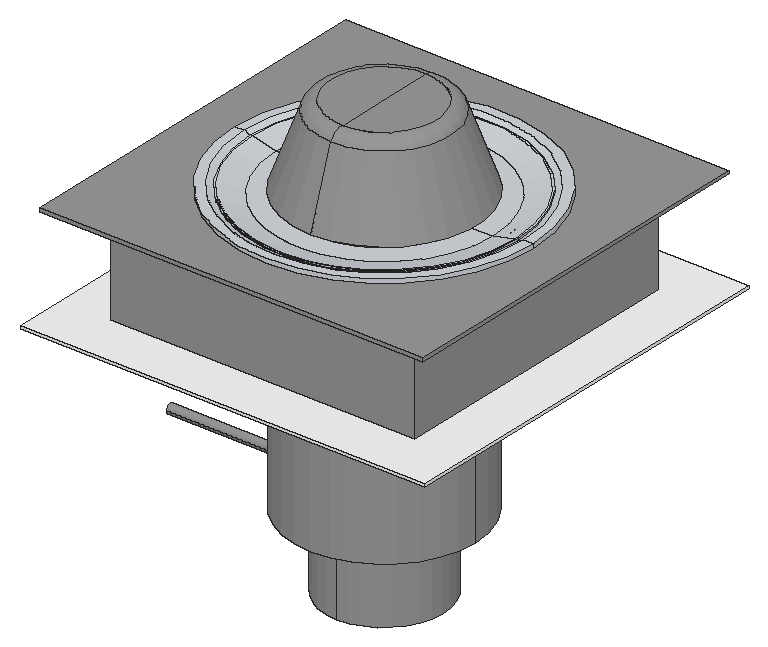
Revit family "HL_Dachablauf_HL63.1-B-221103", category Instalační zařizovací předměty, Revit 2021
Family settings
  Kóta kulaté spojky = Použít průměr
  Typ dílu = Normální
  Číslo OmniClass = 23.70.50.21.24.14
  Nadpis OmniClass = Deck Waste Water Drains
  Založené na pracovní rovině = Ne
  Vždy vertikální = Ano
  Ořezat dutým tvarem při načtení = Ne
  Sdílené = Ne
  Bod výpočtu místnosti = Ano
Parameters (values of type "HL_Dachablauf_HL63.1_1")
  Výchozí výška = 0 mm
  Výrobce = "HL Hutterer & Lechner GmbH"  # constant formula
  VOLUMENSTROM [instance] = 0.0 L/s
  URL = "http://www.hutterer-lechner.com/de/products/catalog/roof-drains/HL63.1/1.aspx"
  RECHTSAUSKUNFT = "Urheberrechte (©), Designrechte und alle anderen Rechte am geistigen Eigentum, sind ausschließlich Eigentum der Firma HL Hutterer&Lechner GmbH. Änderungen sind nicht gestattet. Die Familien (Teile) sind mit Wasserzeichen geschützt."
  MATERIAL = "PP"
  LEISTUNG = "8,7 l/s"
  GEWICHT = "3,2 [kg]"
  EINLAUFROST = "Laubfangkorb d 145 mm"
  EINBAUHÖHE = "266_326 mm"
  EAN = "9003076816316"
  DURCHMESSER = 110 mm
  DIMENSION = "DN110"
  Abdeckung Material [instance] = none
  Přípoj ventilace = no
  Přípoj odpadních dílů = yes
  Přípoj HW = no
  Přípoj CW = no
  Popis = "Dachabläufe"
  Model = "HL63.1_1"
  Assembly Code = " "
  Komentáře k typům = "HL63.1/1 Dachablauf DrainBox DN110 mit Klemmelement und Heizung (10_30W/230V),"
  Keynote = "HL63.1_1"
  Einbauhöhe [instance] = 100 mm  # constant formula
  G [instance] = 180.00°  # constant formula
  D [instance] = 236 mm  # constant formula
  C [instance] = if(Einbauhöhe - 68 mm < 0 mm, 0 mm, Einbauhöhe - 68 mm)  # 32 mm
  B [instance] = 100 mm  # constant formula
  A [instance] = if(B - 100 mm > 15 mm, B - 100 mm, 15 mm)  # 15 mm
Types (4, lengths in mm): name | URL | LEISTUNG | GEWICHT | EAN | DURCHMESSER | DIMENSION | Model | Komentáře k typům | Keynote
  (no name) | "http://www.hutterer-lechner.com/de/products/catalog/roof-drains/HL63.1/7.aspx" | "8,6 l/s" | "3,17 [kg]" | "9003076806317" | 75 | "DN75" | "HL63.1_7" | "HL63.1/7 Dachablauf DrainBox DN75 mit Klemmelement und Heizung (10_30W/230V)," | "HL63.1_7"
  HL_Dachablauf_HL63.1_1 | "http://www.hutterer-lechner.com/de/products/catalog/roof-drains/HL63.1/1.aspx" | "8,7 l/s" | "3,2 [kg]" | "9003076816316" | 110 | "DN110" | "HL63.1_1" | "HL63.1/1 Dachablauf DrainBox DN110 mit Klemmelement und Heizung (10_30W/230V)," | "HL63.1_1"
  HL_Dachablauf_HL63.1_2 | "http://www.hutterer-lechner.com/de/products/catalog/roof-drains/HL63.1/2.aspx" | "12,2 l/s" | "3,22 [kg]" | "9003076826315" | 125 | "DN125" | "HL63.1_2" | "HL63.1/2 Dachablauf DrainBox DN125 mit Klemmelement und Heizung (10_30W/230V)," | "HL63.1_2"
  HL_Dachablauf_HL63.1_7 | "http://www.hutterer-lechner.com/de/products/catalog/roof-drains/HL63.1/7.aspx" | "8,6 l/s" | "3,17 [kg]" | "9003076806317" | 75 | "DN75" | "HL63.1_7" | "HL63.1/7 Dachablauf DrainBox DN75 mit Klemmelement und Heizung (10_30W/230V)," | "HL63.1_7"
Reference planes
  plane 1 "Center (Front/Back)": y = 0
  plane 2: z = 0
  plane 3 "Center (Left/Right)": x = 0
  plane 4: z = -100
  plane 5: z = -100
Lines and regions (mm)
  model lines, style "InvisibleLines"
    curve 1: line (0, 0, 0) -> (0, 0, 20)
  model lines, style "PlumbingFixtures", detail levels coarse+medium
    curve 2: line (0, 0, -100) -> (0, 0, -85)
    curve 3: line (0, 0, -85) -> (-85, 0, 0)
    curve 4: line (0, 0, -85) -> (85, 0, 0)
    curve 6: line (0, 0, -100) -> (0, 0, -336)
  reference lines, not visible
    curve 5: line (0, 0, -100) -> (0, 0, -336)
  symbolic lines, style "PlumbingFixtures", detail levels coarse+medium
    curve 7: line (-75, 75, 0) -> (75, 75, 0)
    curve 8: line (-75, -75, 0) -> (-75, 75, 0)
    curve 9: line (75, -75, 0) -> (-75, -75, 0)
    curve 10: line (75, 75, 0) -> (75, -75, 0)
    curve 11: line (-75, 75, 0) -> (-145.711, 145.711, 0)
    curve 12: line (75, 75, 0) -> (145.711, 145.711, 0)
    curve 13: line (-75, -75, 0) -> (-145.711, -145.711, 0)
    curve 14: line (75, -75, 0) -> (145.711, -145.711, 0)
  symbolic lines, style "PlumbingFixtures", not visible, detail levels coarse+medium
    curve 15: line (-75, 75, 0) -> (75, 75, 0)
    curve 16: line (-75, -75, 0) -> (-75, 75, 0)
    curve 17: line (75, -75, 0) -> (-75, -75, 0)
    curve 18: line (75, 75, 0) -> (75, -75, 0)
    curve 19: line (-75, 75, 0) -> (-145.711, 145.711, 0)
    curve 20: line (75, 75, 0) -> (145.711, 145.711, 0)
    curve 21: line (-75, -75, 0) -> (-145.711, -145.711, 0)
    curve 22: line (75, -75, 0) -> (145.711, -145.711, 0)
Text (mm)
  text "FLOOR" at (-162.344, 0, -10.979), in view "Drain Construction View"
Dimensions and locks
  "B": plane 2 to plane 4
  "Einbauhöhe": plane 2 to plane 5
  "A": curve 4 to plane 4
  "D": curve 5 to curve 5
  "D": curve 6 to curve 6
  locked: curve 4 to plane 3 "Center (Left/Right)" (angle 45.00°)
  locked: plane 3 "Center (Left/Right)" to curve 3 (angle 45.00°)
  "G": angle curve 5 to plane 3 "Center (Left/Right)"
  aligned and locked: level to plane 2
  aligned and locked: plane 2 to curve 4
  aligned and locked: plane 2 to curve 3
  aligned and locked: plane 4 to curve 5
  aligned and locked: plane 3 "Center (Left/Right)" to curve 5
  aligned and locked: plane 4 to curve 2
  aligned and locked: curve 6 to plane 3 "Center (Left/Right)"
  aligned and locked: curve 6 to plane 4
  aligned and locked: nested 1 to plane 2
  aligned and locked: nested 1 to plane 3 "Center (Left/Right)"
  aligned and locked: plane 2 to nested 2
  aligned and locked: plane 3 "Center (Left/Right)" to nested 2
Automatic sketch dimensions
  curve 2 to plane 3 "Center (Left/Right)" = 0 mm
  curve 1 to plane 3 "Center (Left/Right)" = 0 mm
  curve 1 to level = 0 mm
  level to curve 1 = 20 mm
Nested families
  nested 1: "HL_Dachablaufkörper_HL63.1" at (0, 0, 0) x (0, -1, 0) z (0, 0, 1), DURCHMESSER <- "DURCHMESSER", EInbauhöhe <- "Einbauhöhe", type "HL_Dachablaufkörper_HL63.1"
    with L2 2.5 mm, L 100 mm, IHmin 266 mm, IHmax 326 mm, EInbauhöhe 100 mm, DURCHMESSER 110 mm
  nested 2: "HL_Zubehör_HL062.1E" at (0, 0, 0), type "HL_Zubehör_HL062.1E"
Connectors
  piping at (0, 0, -336), diameter 110, driven by "VOLUMENSTROM", driven by "DURCHMESSER"
    settings: on curve 5, index 1, connector inside diameter 609.6 mm, connector length 0 mm, flow factor 0, pipe flow 0.0 L/s, pressure drop 0.0 Pa, fitting loss kfactor 0, connector angle 0.00°, fixture units 0, engagement length 0 mm, angle of deflection 0.00°, flow configuration 1, flow direction 2, fitting loss method 0, system type 16, joint type 0, gender type 0, connector reference index -1, connector utility 0, adjustable connector yes, is connector primary yes, connector description ""
Definition of nested family "HL_Dachablaufkörper_HL63.1"
  Parameters (values of type "HL_Dachablaufkörper_HL63.1")
    Default Elevation = 0 mm
    Manufacturer = ""
    URL = ""
    Description = ""
    Model = ""
    L2 [instance] = if((L = 0 mm), 0 mm, 2.5 mm)  # 2.5 mm
    L [instance] = if(EInbauhöhe < (IHmin - 166 mm), 0 mm, if(EInbauhöhe > (IHmax - 166 mm) + 0.1 mm, 0 mm, EInbauhöhe + 0 mm))  # 100 mm
    Type Comments = ""
    EInbauhöhe [instance] = 100 mm
    IHmin [instance] = 266 mm
    IHmax [instance] = 326 mm
    DURCHMESSER [instance] = 125 mm
    Cost = 0
  Reference planes
    plane 1 "Střed (vpředu/vzadu)": y = 0
    plane 2: z = 0
    plane 3 "Střed (vlevo/vpravo)": x = 0
  Forms (mm)
    Extrusion 1, solid, detail levels fine
      sketch origin (0, 0, 0) x (1, 0, 0) y (0, 1, 0)
        loop
          line (-179, -179) -> (179, -179) -> (179, 179) -> (-179, 179) -> (-179, -179)
        loop
          circle (0, 0) r 139.495
      from 0 to -3
    Extrusion 2, solid, detail levels fine
      sketch origin (0, 0, -3) x (0, 1, 0) y (1, 0, 0)
        loop
          line (-142, 142) -> (-142, -142) -> (142, -142) -> (142, 142) -> (-142, 142)
        loop
          line (-137, 137.134) -> (-137, -137.866) -> (137, -137.866) -> (137, 137.134) -> (-137, 137.134)
      from 0 to 94
    Extrusion 3, solid, detail levels fine
      sketch origin (0, 189, -100) x (0, -1, 0) y (1, 0, 0)
        loop
          line (378, 189) -> (0, 189) -> (0, -189) -> (378, -189) -> (378, 189)
      from 2.5 <- "L2" to 0
    Extrusion 4, solid, detail levels fine
      sketch origin (0, 0.152, -97.5) x (0, -1, 0) y (1, 0, 0)
        loop
          line (137.152, -137.866) -> (137.152, 137.134) -> (-136.848, 137.134) -> (-136.848, -137.866) -> (137.152, -137.866)
        loop
          line (-118.55, 117.801) -> (-118.55, -119.41) -> (118.853, -119.41) -> (118.853, 117.801) -> (-118.55, 117.801)
      from 80 to 0
    Extrusion 5, solid, detail levels fine
      sketch origin (0, 0, -265.748) x (0, 1, 0) y (1, 0, 0)
        loop
          circle (0, 0) r 63.051
      from 0 to 5.25
    Extrusion 6, solid, detail levels fine
      sketch origin (0, 0, -270.998) x (-1, 0, 0) y (0, 1, 0)
        loop
          circle (0, 0) r 62.5
      from 0 to 65
    Extrusion 7, solid, detail levels fine
      sketch origin (0, 0, 0) x (1, 0, 0) y (0, 0, 1)
        loop
          circle (0, -253.652) r 4.201
      from 0 to 200
    Revolve 8, solid, detail levels fine
      sketch origin (0, 0, 0) x (0, 1, 0) y (0, 0, 1)
        loop
          line (139.495, 3.483) -> (130.755, 3.483) -> (124.367, 0.772) -> (124.553, 1.828) -> (123.156, 1.828) -> (101.8, -3.372) -> (81.208, -3.372) -> (78.949, -6.37) -> (78.949, -22.548) -> (77.124, -24.372) -> (75.657, -24.372) -> (74.445, -25.817) -> (74.445, -30.372) -> (0, -30.372) -> (0, -79.5) -> (59.327, -79.5) -> (109.235, -4.817) -> (129.893, -3.01) -> (139.495, -3.01) -> (139.495, 3.483)
        axis (0, 3.483) -> (0, -79.5)
      angle from 0 to 360
    Revolve 9, solid, detail levels fine
      sketch origin (0, 0, 0) x (0, 1, 0) y (0, 0, 1)
        loop
          line (0, -265.748) -> (85.469, -265.748) -> (85.469, -99.5) -> (59.327, -99.5) -> (59.327, -79.5) -> (0, -79.5) -> (0, -265.748)
        axis (0, -79.5) -> (0, -265.748)
      angle from 0 to 360
  Lines and regions (mm)
    reference lines, not visible
      curve 1: line (0, 189, -100) -> (0, -366, -100)
  Dimensions and locks
    "L": plane 2 to curve 1
    "DURCHMESSER": diameter of Extrusion 6 sketch curve
    aligned and locked: level to plane 2
  Automatic sketch dimensions
    plane 1 "Střed (vpředu/vzadu)" to Extrusion 1 sketch curve = 0 mm
    Extrusion 1 sketch curve to plane 3 "Střed (vlevo/vpravo)" = 0 mm
    Extrusion 1 sketch curve to plane 3 "Střed (vlevo/vpravo)" = 179 mm
    plane 3 "Střed (vlevo/vpravo)" to Extrusion 1 sketch curve = 179 mm
    plane 1 "Střed (vpředu/vzadu)" to Extrusion 1 sketch curve = 179 mm
    Extrusion 1 sketch curve to plane 1 "Střed (vpředu/vzadu)" = 179 mm
    Extrusion 3 sketch curve to curve 1 = 0 mm
    Extrusion 3 sketch curve to curve 1 = 189 mm
    curve 1 to Extrusion 3 sketch curve = 189 mm
    Extrusion 3 sketch curve to curve 1 = 177 mm
    Extrusion 7 sketch curve to plane 3 "Střed (vlevo/vpravo)" = 0 mm
    Extrusion 7 sketch curve to level = 253.652 mm
    Extrusion 1 to Extrusion 2 sketch curve = 37 mm  (x2)
    Extrusion 2 sketch curve to Extrusion 2 sketch curve = 5 mm  (x2)
    Extrusion 1 to Extrusion 2 sketch curve = 42 mm
    Extrusion 2 sketch curve to Extrusion 2 sketch curve = 4.866 mm
    Extrusion 1 to Extrusion 2 sketch curve = 41.134 mm
    Extrusion 2 sketch curve to Extrusion 2 sketch curve = 4.134 mm
    Extrusion 4 sketch curve to Extrusion 3 = 52 mm
    Extrusion 4 sketch curve to Extrusion 4 sketch curve = 18.299 mm  (x2)
    Extrusion 4 sketch curve to Extrusion 3 = 70.299 mm
    Extrusion 4 sketch curve to Extrusion 3 = 51.134 mm
    Extrusion 4 sketch curve to Extrusion 4 sketch curve = 18.456 mm
    Extrusion 4 sketch curve to Extrusion 3 = 71.199 mm
    Extrusion 4 sketch curve to Extrusion 4 sketch curve = 19.333 mm
    plane 1 "Střed (vpředu/vzadu)" to Extrusion 5 sketch curve = 0 mm
    Extrusion 5 sketch curve to plane 3 "Střed (vlevo/vpravo)" = 0 mm
    Revolve 8 sketch curve to plane 1 "Střed (vpředu/vzadu)" = 0 mm
    Revolve 8 sketch curve to plane 1 "Střed (vpředu/vzadu)" = 59.327 mm
    Revolve 8 sketch curve to Revolve 8 sketch curve = 15.118 mm
    Revolve 8 sketch curve to level = 24.372 mm
    Revolve 8 sketch curve to Revolve 8 sketch curve = 1.212 mm
    Revolve 8 sketch curve to Revolve 8 sketch curve = 1.467 mm
    Revolve 8 sketch curve to Revolve 8 sketch curve = 1.824 mm  (x2)
    Revolve 8 sketch curve to Revolve 8 sketch curve = 2.259 mm
    Revolve 8 sketch curve to level = 3.372 mm
    Revolve 8 sketch curve to Revolve 8 sketch curve = 20.592 mm
    Revolve 8 sketch curve to level = 4.817 mm
    Revolve 8 sketch curve to Revolve 8 sketch curve = 7.435 mm
    level to Revolve 8 sketch curve = 1.828 mm
    Revolve 8 sketch curve to Revolve 8 sketch curve = 13.921 mm
    level to Revolve 8 sketch curve = 0.772 mm
    Revolve 8 sketch curve to Revolve 8 sketch curve = 1.211 mm
    Revolve 8 sketch curve to Revolve 8 sketch curve = 0.186 mm
    Revolve 8 sketch curve to level = 3.01 mm
    Revolve 8 sketch curve to Revolve 8 sketch curve = 5.526 mm
    level to Revolve 8 sketch curve = 3.483 mm
    Revolve 8 sketch curve to Revolve 8 sketch curve = 6.202 mm
    Revolve 8 sketch curve to Revolve 8 sketch curve = 9.602 mm
    Revolve 8 sketch curve to Revolve 8 sketch curve = 1.445 mm
    Revolve 8 sketch curve to Revolve 8 sketch curve = 4.555 mm
    Revolve 8 sketch curve to Revolve 8 sketch curve = 49.128 mm
    Revolve 8 sketch curve to Revolve 8 sketch curve = 2.998 mm
    Revolve 9 sketch curve to plane 1 "Střed (vpředu/vzadu)" = 0 mm
    Revolve 9 sketch curve to plane 1 "Střed (vpředu/vzadu)" = 59.327 mm
    Revolve 9 sketch curve to plane 1 "Střed (vpředu/vzadu)" = 85.469 mm
    Revolve 9 sketch curve to level = 265.748 mm
    Revolve 9 sketch curve to level = 99.5 mm
    Revolve 9 sketch curve to Revolve 9 sketch curve = 20 mm
    plane 1 "Střed (vpředu/vzadu)" to curve 1 = 366 mm
    curve 1 to plane 1 "Střed (vpředu/vzadu)" = 189 mm
    radius of Extrusion 1 sketch curve = 139.495 mm
    radius of Extrusion 7 sketch curve = 4.201 mm
    radius of Extrusion 5 sketch curve = 63.051 mm
Definition of nested family "HL_Zubehör_HL062.1E"
  Parameters (values of type "HL_Zubehör_HL062.1E")
    Default Elevation = 0 mm
    Manufacturer = "HL Hutterer & Lechner GmbH"
    URL = "http://www.hutterer-lechner.com/de/products/catalog/roof-drains/HL062.1E.aspx"
    Abdeckung Material = none
    RECHTSAUSKUNFT = "Urheberrechte (©), Designrechte und alle anderen Rechte am geistigen Eigentum, sind ausschließlich Eigentum der Firma HL Hutterer&Lechner GmbH. Änderungen sind nicht gestattet. Die Familien (Teile) sind mit Wasserzeichen geschützt."
    Description = "Dachabläufe"
    Model = "HL062.1E"
    Type Comments = "HL062.1E, Laubfangkorb"
    Keynote = "HL062.1E"
    GEWICHT = "0,097 [kg]"
    Volumenstrom [instance] = 0.0 L/s
    EAN = "9003076006212"
    Cost = 0
  Values of the unnamed type that differ from the named types
    Manufacturer = ""
    URL = ""
    RECHTSAUSKUNFT = ""
    Description = ""
    Model = ""
    Type Comments = "HL062.1E, domed plastic grate"
    Keynote = ""
  Reference planes
    plane 1 "Střed (vpředu/vzadu)": y = 0
    plane 2: z = 0
    plane 3 "Střed (vlevo/vpravo)": x = 0
  Forms (mm)
    Revolve 1, solid, detail levels fine
      sketch origin (0, 0, 0) x (0, 1, 0) y (0, 0, 1)
        loop
          line (0, 75) -> (0, 60.2) -> (47.074, 60.2) -> (68.985, 0) -> (86.249, 0) -> (61.992, 66.646)
          arc (61.992, 66.646) -> (56.733, 72.731) -> (49.016, 75) r 14.255
          line (49.016, 75) -> (0, 75)
        axis (0, 75) -> (0, 0)
      angle from 0 to 360
    Extrusion 2, solid, detail levels fine
      sketch origin (0, 0, 0) x (0, 1, 0) y (1, 0, 0)
        loop
          circle (0, 0) r 78.587
        loop
          circle (0, 0) r 70.981
      from 0 to 16.7
    Extrusion 3, solid, detail levels fine
      sketch origin (0, 0, -16.7) x (-1, 0, 0) y (0, 1, 0)
        loop
          circle (0, 0) r 70
        loop
          circle (0, 0) r 74.546
      from 0 to 12.3
  Dimensions and locks
    aligned and locked: level to plane 2
